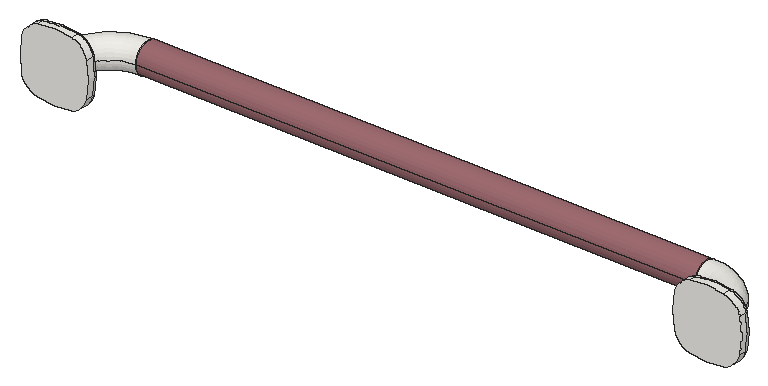
Revit family "Greb 700 mm hvid", category Plumbing Fixtures, host Wall, Revit 2023
Family settings
  Host = Wall
  Round Connector Dimension = Use Diameter
  Part Type = Normal
  OmniClass Number = 23.45.00.00
  OmniClass Title = Sanitary, Laundry, and Cleaning Equipment
  Enable Cutting in Views = No
  Always vertical = Yes
  Cut with Voids When Loaded = No
  Maintain Annotation Orientation = No
  Shared = No
  Room Calculation Point = No
Parameters (values of type "Type 1")
  Default Elevation = 0 mm
Reference planes
  plane 1: y = 0
  plane 2 "Center (Left/Right)": x = 125
  plane 3 "Back": y = 75
Lines and regions (mm)
  reference lines
    curve 1: line (825, 75, 0) -> (825, 210, 0)
    curve 2: line (861.773, 75, 850) -> (-398.227, 75, 850)
Text (mm)
  text "Placement side" at (-1787.139, 592.35, 0), in view "Ref. Level"
  text "Placement side" at (0, 230.823, 2917.686), in view "Left"
  text "Placement side" at (0, 562.268, 3853.606), in view "Right"
Dimensions and locks
  locked: plane 3 "Back" to host wall
  locked: level to nested 1 at 850
  aligned and locked: host wall to plane 1
  aligned and locked: nested 1 to plane 3 "Back"
  aligned and locked: nested 1 to plane 2 "Center (Left/Right)"
Nested families
  nested 1: "Greb 700" at (825, 75, 850) x (-1, 0, 0) z (0, 0, 1), type "16255R"
Definition of nested family "Greb 700"
  Parameters (values of type "16277W")
    _Pipe_Length_ = _Length_ - 100 mm  # 600 mm
    _Length_ = 700 mm
    _BIM_Content_Update_Date_ = "08.03.2021"  # constant formula
    _BIM_Content_Publish_Date_ = ""
    _BIM_Author_Contact_Details_ = "Mika Leinonen, B.Eng\r\nRevit BIM and 3D-visualization specialist\r\n\r\nCEO, Treedee Oy\r\n\r\nmika.leinonen@treedee.fi\r\n\r\n+358 (0) 40 188 5182\r\n\r\nwww.treedee.fi"
    _BIM_Author_ = "Mika Leinonen - Treedee Oy"  # constant formula
    URL = "https://korpinen.com/"
    Model = ""
    Manufacturer = "Väinö Korpinen Oy"  # constant formula
    _Color_ = none
    Default Elevation = 0 mm
  Types (18, lengths in mm): name | _Pipe_Length_ | _Length_
    16200W | 250 | 350
    16200G | 250 | 350
    16200R | 250 | 350
    16211W | 350 | 450
    16211G | 350 | 450
    16211R | 350 | 450
    16222W | 450 | 550
    16222G | 450 | 550
    16222R | 450 | 550
    16255W | 600 | 700
    16255G | 600 | 700
    16255R | 600 | 700
    16266W | 700 | 800
    16266G | 700 | 800
    16266R | 700 | 800
    16277W | 600 | 700
    16277G | 900 | 1000
    16277R | 900 | 1000
  Reference planes
    plane 1 "Center (Front/Back)": y = 0
    plane 2: z = 0
    plane 3 "Center (Left/Right)": x = 0
    plane 4: z = 0
    plane 5: x = 700
    plane 6: x = 663.196
    plane 7: x = 736.804
  Lines and regions (mm)
    symbolic lines
      curve 1: line (663.196, 0, 0) -> (663.196, -8.005, 0)
      curve 2: line (667.148, -11.997, 0) -> (732.788, -11.997, 0)
      curve 3: arc (663.196, -8.005, 0) -> (664.363, -10.822, 0) -> (667.18, -11.989, 0) r 3.984
      curve 4: line (736.804, 0, 0) -> (736.804, -8.005, 0)
      curve 5: arc (736.804, -8.005, 0) -> (735.637, -10.822, 0) -> (732.82, -11.989, 0) r 3.984
      curve 6: line (736.804, 0, 0) -> (663.196, 0, 0)
      curve 7: line (-36.773, 0, 0) -> (-36.773, -8.008, 0)
      curve 8: line (-32.787, -11.994, 0) -> (31.124, -11.994, 0)
      curve 9: arc (-36.773, -8.008, 0) -> (-35.605, -10.826, 0) -> (-32.787, -11.994, 0) r 3.986
      curve 10: line (36.836, 0, 0) -> (36.836, -8.005, 0)
      curve 11: line (32.852, -11.989, 0) -> (16, -11.989, 0)
      curve 12: arc (36.836, -8.005, 0) -> (35.669, -10.822, 0) -> (32.852, -11.989, 0) r 3.983
      curve 13: line (36.836, 0, 0) -> (-36.773, 0, 0)
      curve 14: arc (684.002, -11.997, 0) -> (674.043, -36.04, 0) -> (650, -45.999, 0) r 34.002
      curve 15: arc (716, -11.997, 0) -> (696.669, -58.666, 0) -> (650, -77.997, 0) r 66
      curve 16: line (650, -77.997, 0) -> (650, -45.999, 0)
      curve 17: arc (16, -11.989, 0) -> (25.955, -36.037, 0) -> (50, -45.999, 0) r 34
      curve 18: arc (-16.003, -11.994, 0) -> (3.329, -58.665, 0) -> (50, -77.997, 0) r 66.003
      curve 19: line (50, -77.997, 0) -> (50, -45.999, 0)
      curve 20: line (50, -45.999, 0) -> (650, -45.999, 0)
      curve 21: line (650, -77.997, 0) -> (50, -77.997, 0)
  Dimensions and locks
    "_Length_": plane 5 to plane 3 "Center (Left/Right)"
    "_Length_": plane 3 "Center (Left/Right)" to plane 5
    equal spacing: plane 6, plane 5, plane 7
    locked: plane 6 to plane 7 at 73.607
    aligned and locked: level to plane 2
    aligned and locked: nested 2 to nested 1
    aligned and locked: plane 3 "Center (Left/Right)" to nested 3
    aligned and locked: nested 1 to nested 3
    aligned and locked: curve 1 to plane 6
    aligned and locked: curve 4 to plane 7
  Automatic sketch dimensions
    curve 17 to curve 18 = 0.006 mm
    plane 1 "Center (Front/Back)" to curve 7 = 0 mm
    curve 7 to plane 3 "Center (Left/Right)" = 36.773 mm
    curve 7 to curve 8 = 3.986 mm
    plane 3 "Center (Left/Right)" to curve 11 = 16 mm
    curve 11 to curve 11 = 16.852 mm
    curve 12 to curve 10 = 3.983 mm
    curve 11 to curve 19 = 17.148 mm
    curve 16 to plane 5 = 50 mm
    plane 1 "Center (Front/Back)" to curve 7 = 8.008 mm
    curve 8 to curve 12 = 3.988 mm
    curve 16 to curve 16 = 31.998 mm
    curve 8 to curve 11 = 1.728 mm
    curve 2 to curve 14 = 16.854 mm
    curve 15 to curve 2 = 16.788 mm
    plane 1 "Center (Front/Back)" to curve 2 = 11.997 mm
  Nested families
    nested 1: "Modular tube" at (50, -62, 0), Length <- "_Pipe_Length_", type "500mm"
      with Vertical no, Length 600 mm, Horizontal yes
    nested 2: "Modular 90" at (700, 0, 0) x (-1, 0, 0) z (0, 0, 1), type "End 90 horizontal"
    nested 3: "Modular 90" at (0, 0, 0), type "End 90 horizontal"
  Definition of nested family "Modular tube"
    Parameters (values of type "500mm")
      Vertical [instance] = not(Horizontal)  # no
      URL = ""
      Model = ""
      Manufacturer = ""
      Length [instance] = 522 mm
      Horizontal [instance] = yes
      Default Elevation = 0 mm
      Colour = none
      Assembly Code = ""
    Reference planes
      plane 1 "Center (Front/Back)": y = 0
      plane 2: z = 0
      plane 3 "Center (Left/Right)": x = 0
      plane 4: z = 0
      plane 5: x = 522
      plane 6: z = 522
    Forms (mm)
      Sweep 1, solid, material <- "Colour", visible <- "Horizontal"
        path origin (0, 0, 0) x (1, 0, 0) y (0, 1, 0)
          loop
            line (0, 0) -> (522, 0)
        profile origin (261, 0, 0) x (0, 1, 0) y (0, 0, 1)
          loop
            circle (0, 0) r 16
      Sweep 2, solid, visible <- "Vertical"
        path origin (0, 0, 0) x (1, 0, 0) y (0, 0, 1)
          loop
            line (0, 0) -> (0, 522)
        profile origin (0, 0, 261) x (-1, 0, 0) y (0, -1, 0)
          loop
            circle (0, 0) r 16
    Dimensions and locks
      "Length": plane 3 "Center (Left/Right)" to plane 5
      "Length": plane 6 to level
      aligned and locked: level to plane 2
      aligned and locked: plane 3 "Center (Left/Right)" to Sweep 1 sketch curve
      aligned and locked: plane 1 "Center (Front/Back)" to Sweep 1 sketch curve
      aligned and locked: plane 6 to Sweep 2 sketch curve
      aligned and locked: level to Sweep 2 sketch curve
      aligned and locked: plane 3 "Center (Left/Right)" to Sweep 2 sketch curve
    Automatic sketch dimensions
      Sweep 1 sketch curve to plane 5 = 0 mm
      Sweep 1 sketch curve to level = 0 mm
      Sweep 1 sketch curve to profile plane = 0 mm
      plane 1 "Center (Front/Back)" to Sweep 2 sketch curve = 0 mm
      Sweep 2 sketch curve to profile plane = 0 mm
      radius of Sweep 1 sketch curve = 16 mm
      radius of Sweep 2 sketch curve = 16 mm
  Definition of nested family "Modular 90"
    Parameters (values of type "End 90 horizontal")
      Vertical = no
      URL = ""
      Model = ""
      Manufacturer = ""
      Horizontal = yes
      Default Elevation = 0 mm
      Colour = none
      Assembly Code = ""
    Types (3, lengths in mm): name | Vertical | Horizontal | Default Elevation
      End 90 horizontal | no | yes | 0
      End 90 vertical | yes | no | 0
      End 90 | yes | no | 1219.2
    Reference planes
      plane 1 "Center (Front/Back)": y = 0
      plane 2: z = 0
      plane 3 "Center (Left/Right)": x = 0
      plane 4: z = 0
      plane 5: x = 0
      plane 6: x = -18.5
      plane 7: x = 18.5
      plane 8: z = 18.5
      plane 9: z = -18.5
      plane 10: x = -35
      plane 11: x = 35
      plane 12: z = 35
      plane 13: z = -35
      plane 14: x = 50.02
      plane 15: y = -62
      plane 16: y = -12
    Forms (mm)
      Extrusion 1, solid, material <- "Colour"
        sketch origin (601.041, 0, -601.041) x (0.707107, 0, 0.707107) y (-0.707107, 0, 0.707107)
          loop
            line (-35.355, 850) -> (0, 814.645) -> (35.355, 850) -> (0, 885.355) -> (-35.355, 850)
        from 0 to 12
      Sweep 2, solid, material <- "Colour"
        path in 3D
          loop
            arc (18.5, -12, 35) -> (29.056, -12, 29.056) -> (35, -12, 18.5) r 22.5
            arc (35, -12, 18.5) -> (36.771, -12, 0) -> (35, -12, -18.5) r 97.5
            arc (35, -12, -18.5) -> (29.056, -12, -29.056) -> (18.5, -12, -35) r 22.5
            arc (18.5, -12, -35) -> (0, -12, -36.771) -> (-18.5, -12, -35) r 97.5
            arc (-18.5, -12, -35) -> (-29.056, -12, -29.056) -> (-35, -12, -18.5) r 22.5
            arc (-35, -12, -18.5) -> (-36.771, -12, 0) -> (-35, -12, 18.5) r 97.5
            arc (-35, -12, 18.5) -> (-29.056, -12, 29.056) -> (-18.5, -12, 35) r 22.5
            arc (-18.5, -12, 35) -> (0, -12, 36.771) -> (18.5, -12, 35) r 97.5
        profile origin (0, -12, 36.771) x (0, 0, 1) y (0, -1, 0)
          loop
            line (0, -12) -> (0, -4)
            arc (0, -4) -> (-1.172, -1.172) -> (-4, 0) r 4
            line (-4, 0) -> (-14, 0) -> (-14, -12) -> (0, -12)
      Sweep 3, solid, material <- "Colour", visible <- "Horizontal"
        path origin (0, 0, 0) x (1, 0, 0) y (0, 1, 0)
          loop
            arc (0, -12) -> (14.645, -47.355) -> (50, -62) r 50
        profile origin (14.645, -47.355, 0) x (0.707107, 0.707107, 0) y (0, 0, 1)
          loop
            circle (0, 0) r 16
      Sweep 4, solid, material <- "Colour", visible <- "Vertical"
        path origin (0, 0, 0) x (0, 0, -1) y (0, 1, 0)
          loop
            arc (0, -12) -> (14.645, -47.355) -> (50, -62) r 50
        profile origin (0, -47.355, -14.645) x (0, 0.707107, -0.707107) y (1, 0, 0)
          loop
            circle (0, 0) r 16
    Cuts and joins
      joined: Extrusion 1, Sweep 2
    Lines and regions (mm)
      sketch lines
        curve 1: arc (-18.5, -12, 35) -> (0, -12, 36.771) -> (18.5, -12, 35) r 97.5
        curve 2: arc (18.5, -12, 35) -> (29.056, -12, 29.056) -> (35, -12, 18.5) r 22.5
        curve 3: arc (35, -12, 18.5) -> (36.771, -12, 0) -> (35, -12, -18.5) r 97.5
        curve 4: arc (35, -12, -18.5) -> (29.056, -12, -29.056) -> (18.5, -12, -35) r 22.5
        curve 5: arc (18.5, -12, -35) -> (0, -12, -36.771) -> (-18.5, -12, -35) r 97.5
        curve 6: arc (-18.5, -12, -35) -> (-29.056, -12, -29.056) -> (-35, -12, -18.5) r 22.5
        curve 7: arc (-35, -12, -18.5) -> (-36.771, -12, 0) -> (-35, -12, 18.5) r 97.5
        curve 8: arc (-35, -12, 18.5) -> (-29.056, -12, 29.056) -> (-18.5, -12, 35) r 22.5
    Dimensions and locks
      locked: plane 5 to plane 14 at 50.02
      plane 15 to plane 1 "Center (Front/Back)" = 62 mm
      angle plane 3 "Center (Left/Right)" to plane 5 = 0.00°
      angle level to plane 4 = 0.00°
      aligned and locked: level to plane 2
